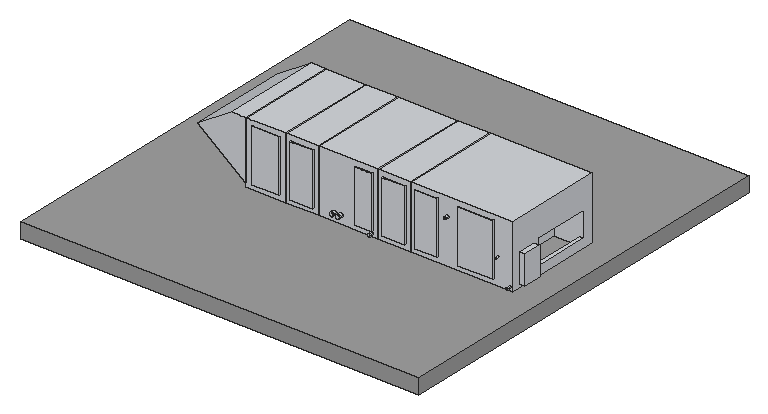
Revit family
Parameters (values of type "4 Row DX-R410")
  Wheel Size [instance] = ""
  Voltage = 480 V
  Unit Weight (lbs) = 4667  # constant formula
  URL = "http://www.appliedair.com"
  Total Static Pressure [instance] = 0.00 in-wg
  Total Heating Capacity [instance] = 0.0 Btu/h
  Total Cooling Capacity [instance] = 0.0 Btu/h
  Temperature Rise [instance] = 0 °F
  Supply Air Pressure Drop [instance] = 0.00 in-wg
  Supply Air Outlet Flow [instance] = 0 CFM
  Supply Air Inlet Flow [instance] = 0 CFM
  Series = "IFL"
  Return Coil Horizontal Offset = 1' - 1"  # constant formula
  Return Air Inlet Flow [instance] = 0 CFM
  Return Air Flow Height = 1' - 8"
  Refrigerant Type = "R410"
  Refrigerant Supply Pressure [instance] = 0.00 psi
  Refrigerant Supply Flow [instance] = 0 GPM
  Refrigerant Return Pressure [instance] = 0.00 psi
  Refrigerant Return Flow [instance] = 0 GPM
  Product URL = "http://www.appliedair.com/ifl.asp"
  Power Vertical Offset = 1' - 2 1/4"
  Power Horizontal Offset = 2' - 6"
  Power Connection Radius = 0' - 0 3/4"
  Phase = 3
  Output Heat [instance] = 0.0 Btu/h
  OmniClass = "23-75 10 24 21 27 17"
  Number of Rows = 4
  Number of Poles = 3
  Nominal Width = 6' - 8"  # constant formula
  Nominal Length = 21' - 0 5/8"  # constant formula
  Nominal Height = 4' - 2"  # constant formula
  Motor Horsepower (HP) [instance] = 0
  Motor Brake Horsepower (BHP) [instance] = 0
  Motor Amps [instance] = 0 A
  Model = "40"
  Minimum Input [instance] = 0.0 Btu/h
  Minimum Air Flow = 3000 CFM
  Maximum Input [instance] = 0.0 Btu/h
  Maximum Air Flow = 9500 CFM
  Manufacturer = "Applied Air"
  M = 3' - 10"  # constant formula
  L = 1' - 8 3/4"  # constant formula
  K = 2' - 1 11/16"  # constant formula
  J = 0' - 6 3/4"  # constant formula
  Heating Leaving Water Temperature [instance] = 0 °F
  Heating Leaving Air Temperature Wet Bulb [instance] = 0 °F
  Heating Leaving Air Temperature Dry Bulb [instance] = 0 °F
  Heating Entering Water Temperature [instance] = 0 °F
  Heating Entering Air Temperature Wet Bulb [instance] = 0 °F
  Heating Entering Air Temperature Dry Bulb [instance] = 0 °F
  Gas Vertical Offset = 1' - 9"  # constant formula
  Gas Horizontal Offset = 0' - 11 1/2"
  Gas Connection Radius = 0' - 0 3/8"  # constant formula
  Condensate Drain Vertical Offset = 0' - 2 3/4"
  Condensate Drain Radius = 0' - 0 3/4"  # constant formula
  Gas Pressure Drop [instance] = 0.00 psi
  Gas Input [instance] = 0.0 Btu/h
  Condensate Drain  Horizontal Offset = 0' - 1 27/32"
  Gas Flow [instance] = 0 GPM
  Condensate Drain Connection Radius = Condensate Drain Radius  # 0' - 0 3/4"
  Furnace Size [instance] = ""
  Frequency = 60 Hz
  Fan Speed (RPM) [instance] = 0
  Face Velocity (FPM) [instance] = 0
  Face Pressure Drop [instance] = 0' - 0"
  Drain Pressure Drop [instance] = 0.00 psi
  Drain Flow [instance] = 0 GPM
  Description = "Dedicated Outside Air Split System"
  Cooling Sensible Capacity [instance] = 0 Btu/h
  Cooling Leaving Air Temperature Wet Bulb [instance] = 0 °F
  Cooling Leaving Air Temperature Dry Bulb [instance] = 0 °F
  Cooling Entering Air Temperature Wet Bulb [instance] = 0 °F
  Cooling Entering Air Temperature Dry Bulb [instance] = 0 °F
  Cooling Coil Radius = 0' 3" / 2  # 0' - 1 1/2"
  H = 0' - 3 1/16"  # constant formula
  G = 3' - 2 5/8"  # constant formula
  Drain Vertical Offset = 0' - 2"
  Drain Radius = 0' - 1"
  Drain Horizontal Offset = 0' - 5"
  Default Elevation = 4' - 0"
  F = 2' - 2"  # constant formula
  E = 4' - 0"  # constant formula
  D = 5' - 8"  # constant formula
  Combustion Air Flow [instance] = 0 CFM
  Coils Depth = 0' - 3"
  Coil Outlet Vertical Offset = 3' - 7 113/256"  # constant formula
  Coil Face Area = if(Choose Coil Option = 1, 9.17 SF, if(Choose Coil Option = 2, 14.00 SF, if(Choose Coil Option = 3, 17.72 SF, 0.00 SF)))  # 14.00 SF
  Choose Coil Option = 2
  Coils Vertical Offsets = 0' - 6 143/256"
  Supply Coil Horizontal Offset = 1' - 6"  # constant formula
  Burner Amps [instance] = 0 A
  B = 6' - 10"  # constant formula
  Assembly Code = "D3030200"
  Apparent Power [instance] = (Motor Amps + Burner Amps) * Voltage * sqrt(3)  # 0 VA
  AHU Material = Galvanized Steel
  40.5x63 DX Coils = Choose Coil Option = 3  # no
  30x44 DX Coils = Choose Coil Option = 1  # no
  36x56 DX Coils = Choose Coil Option = 2  # yes
Reference planes (in)
  plane 1 "Center (Front/Back)": y = 0
  plane 2: z = -0.00391
  plane 3 "Center (Left/Right)": x = 0
  plane 4: y = 38
  plane 5: y = -42
  plane 6: x = -24
  plane 7: x = 24
  plane 8: x = 50
  plane 9: z = 49.99609
  plane 10: x = 132
  plane 11: x = -50
  plane 12: x = -82
  plane 13: x = -120.625
  plane 14: x = -11
  plane 15: x = -6
  plane 16: z = 6.55469
  plane 17: z = 6.55469
  plane 18: y = -45
  plane 19: x = 19
  plane 20: z = 1.99609
  plane 21: x = 80
  plane 22: z = 35.74609
  plane 23: z = 2.74609
  plane 24: x = 130.15625
  plane 25: z = 20.99609
  plane 26: x = 120.5
Forms (in)
  Extrusion 1, solid, material "Default"
    sketch origin (0, 0, 0) x (1, 0, 0) y (0, 1, 0)
      loop
        line (-164.84185, 166) -> (-164.84185, -165.6411) -> (155.35983, -165.6411) -> (155.35983, 166) -> (-164.84185, 166)
    from -0.00391 to -12
  Extrusion 2, solid
    sketch origin (0.62705, 0, 0) x (1, 0, 0) y (0, 0, 1)
      loop
        line (-24.62705, 0) -> (23.37295, 0) -> (23.37295, 49.99609) -> (-24.62705, 49.99609) -> (-24.62705, 0)
    from -38 to 42
  Extrusion 3, solid
    sketch origin (66.62705, 0, 0) x (1, 0, 0) y (0, 0, 1)
      loop
        line (-42.62705, 0) -> (-16.62705, 0) -> (-16.62705, 49.99609) -> (-42.62705, 49.99609) -> (-42.62705, 0)
    from -38 to 42
  Extrusion 4, solid
    sketch origin (120.62705, 0, 0) x (1, 0, 0) y (0, 0, 1)
      loop
        line (-70.62705, 0) -> (11.37295, 0) -> (11.37295, 49.99609) -> (-70.62705, 49.99609) -> (-70.62705, 0)
    from -38 to 42
  Extrusion 5, solid
    sketch origin (-17.37295, 0, 0) x (1, 0, 0) y (0, 0, 1)
      loop
        line (-32.62705, -0.00391) -> (-6.62705, -0.00391) -> (-6.62705, 49.99609) -> (-32.62705, 49.99609) -> (-32.62705, -0.00391)
    from -38 to 42
  Extrusion 6, solid
    sketch origin (-41.37295, 0, 0) x (1, 0, 0) y (0, 0, 1)
      loop
        line (-40.62705, -0.00391) -> (-8.62705, -0.00391) -> (-8.62705, 49.99609) -> (-40.62705, 49.99609) -> (-40.62705, -0.00391)
    from -38 to 42
  Extrusion 7, solid
    sketch origin (-15.3125, 0, 0) x (1, 0, 0) y (0, 0, 1)
      loop
        line (-105.3125, 32.99609) -> (-66.6875, 2.74609) -> (-66.6875, 49.99609) -> (-78.33244, 49.99609) -> (-105.3125, 32.99609)
    from -38 to 42
  Extrusion 8, void
    sketch origin (0, 0, 0) x (1, 0, 0) y (0, 1, 0)
      loop
        line (-75, 32) -> (-75, -36) -> (-55, -36) -> (-55, 32) -> (-75, 32)
    from 0 to 31.59567
  Extrusion 9, void
    sketch origin (0, 0, 0) x (0, 1, 0) y (0, 0, 1)
      loop
        line (-36, 9) -> (32, 9) -> (32, 29) -> (-36, 29) -> (-36, 9)
    from -55 to -85.321
  Extrusion 10, void
    sketch origin (0, 0, 0) x (1, 0, 0) y (0, 1, 0)
      loop
        line (128.9375, -16.3125) -> (128.9375, 29.6875) -> (108.1875, 29.6875) -> (108.1875, -16.3125) -> (128.9375, -16.3125)
    from 0 to 21.23232
  Extrusion 11, void
    sketch origin (0, 0, 0) x (1, 0, 0) y (0, 0, 1)
      loop
        line (132, 6.74609) -> (132, 27.49609) -> (108.1875, 27.49609) -> (108.1875, 6.74609) -> (132, 6.74609)
    from -29.6875 to 16.3125
  Extrusion 12, solid
    sketch origin (0, 0, 0) x (1, 0, 0) y (0, 1, 0)
      loop
        line (132, -21) -> (132, -36) -> (137, -36) -> (137, -21) -> (132, -21)
    from 3.06225 to 25.87762
  Extrusion 13, solid
    sketch origin (0, 0, 0) x (1, 0, 0) y (0, 0, 1)
      loop
        circle (-6, 6.55469) r 1.5
      loop
        circle (-11, 6.55469) r 1.5
      loop
        circle (19, 1.99609) r 1
      loop
        circle (80, 35.74609) r 0.75
      loop
        circle (130.15625, 2.74609) r 0.75
      loop
        circle (120.5, 20.99609) r 0.375
    from 42 to 45
  Extrusion 14, solid
    sketch origin (0, -38, 0) x (1, 0, 0) y (0, 0, 1)
      loop
        line (-55, 45.99609) -> (-77, 45.99609) -> (-77, 3.99609) -> (-55, 3.99609) -> (-55, 45.99609)
      loop
        line (-28, 45.99609) -> (-46, 45.99609) -> (-46, 3.99609) -> (-28, 3.99609) -> (-28, 45.99609)
      loop
        line (20, 45.99609) -> (6, 45.99609) -> (6, 3.99609) -> (20, 3.99609) -> (20, 45.99609)
      loop
        line (46, 45.99609) -> (28, 45.99609) -> (28, 3.99609) -> (46, 3.99609) -> (46, 45.99609)
      loop
        line (72, 45.99609) -> (54, 45.99609) -> (54, 3.99609) -> (72, 3.99609) -> (72, 45.99609)
      loop
        line (117, 45.99609) -> (89, 45.99609) -> (89, 3.99609) -> (117, 3.99609) -> (117, 45.99609)
    from 4 to 5
  Extrusion 15, void
    sketch origin (-0.04982, 0, -2.04982) x (1, 0, 0) y (0, 0, 1)
      loop
        line (124.55215, 46.70523) -> (124.55215, 46.20523) -> (126.80215, 46.20523) -> (126.80215, 46.70523) -> (124.55215, 46.70523)
      loop
        line (127.55215, 46.70523) -> (127.55215, 46.20523) -> (129.80215, 46.20523) -> (129.80215, 46.70523) -> (127.55215, 46.70523)
      loop
        line (124.55215, 47.45523) -> (124.55215, 46.95523) -> (126.80215, 46.95523) -> (126.80215, 47.45523) -> (124.55215, 47.45523)
      loop
        line (127.55215, 47.45523) -> (127.55215, 46.95523) -> (129.80215, 46.95523) -> (129.80215, 47.45523) -> (127.55215, 47.45523)
      loop
        line (124.55215, 45.95523) -> (124.55215, 45.45523) -> (126.80215, 45.45523) -> (126.80215, 45.95523) -> (124.55215, 45.95523)
      loop
        line (127.55215, 45.95523) -> (127.55215, 45.45523) -> (129.80215, 45.45523) -> (129.80215, 45.95523) -> (127.55215, 45.95523)
      loop
        line (124.55215, 45.20523) -> (124.55215, 44.70523) -> (126.80215, 44.70523) -> (126.80215, 45.20523) -> (124.55215, 45.20523)
      loop
        line (127.55215, 45.20523) -> (127.55215, 44.70523) -> (129.80215, 44.70523) -> (129.80215, 45.20523) -> (127.55215, 45.20523)
      loop
        line (124.55215, 44.45523) -> (124.55215, 43.95523) -> (126.80215, 43.95523) -> (126.80215, 44.45523) -> (124.55215, 44.45523)
      loop
        line (127.55215, 44.45523) -> (127.55215, 43.95523) -> (129.80215, 43.95523) -> (129.80215, 44.45523) -> (127.55215, 44.45523)
      loop
        line (124.55215, 43.70523) -> (124.55215, 43.20523) -> (126.80215, 43.20523) -> (126.80215, 43.70523) -> (124.55215, 43.70523)
      loop
        line (127.55215, 43.70523) -> (127.55215, 43.20523) -> (129.80215, 43.20523) -> (129.80215, 43.70523) -> (127.55215, 43.70523)
      loop
        line (124.55215, 15.78696) -> (126.80215, 15.78696) -> (126.80215, 16.28696) -> (124.55215, 16.28696) -> (124.55215, 15.78696)
      loop
        line (127.55215, 15.78696) -> (129.80215, 15.78696) -> (129.80215, 16.28696) -> (127.55215, 16.28696) -> (127.55215, 15.78696)
      loop
        line (124.55215, 15.03696) -> (126.80215, 15.03696) -> (126.80215, 15.53696) -> (124.55215, 15.53696) -> (124.55215, 15.03696)
      loop
        line (127.55215, 15.03696) -> (129.80215, 15.03696) -> (129.80215, 15.53696) -> (127.55215, 15.53696) -> (127.55215, 15.03696)
      loop
        line (124.55215, 16.53696) -> (126.80215, 16.53696) -> (126.80215, 17.03696) -> (124.55215, 17.03696) -> (124.55215, 16.53696)
      loop
        line (127.55215, 16.53696) -> (129.80215, 16.53696) -> (129.80215, 17.03696) -> (127.55215, 17.03696) -> (127.55215, 16.53696)
      loop
        line (124.55215, 17.28696) -> (126.80215, 17.28696) -> (126.80215, 17.78696) -> (124.55215, 17.78696) -> (124.55215, 17.28696)
      loop
        line (127.55215, 17.28696) -> (129.80215, 17.28696) -> (129.80215, 17.78696) -> (127.55215, 17.78696) -> (127.55215, 17.28696)
      loop
        line (124.55215, 18.03696) -> (126.80215, 18.03696) -> (126.80215, 18.53696) -> (124.55215, 18.53696) -> (124.55215, 18.03696)
      loop
        line (127.55215, 18.03696) -> (129.80215, 18.03696) -> (129.80215, 18.53696) -> (127.55215, 18.53696) -> (127.55215, 18.03696)
      loop
        line (124.55215, 18.78696) -> (126.80215, 18.78696) -> (126.80215, 19.28696) -> (124.55215, 19.28696) -> (124.55215, 18.78696)
      loop
        line (127.55215, 18.78696) -> (129.80215, 18.78696) -> (129.80215, 19.28696) -> (127.55215, 19.28696) -> (127.55215, 18.78696)
    from 32 to 38
  Extrusion 16, void
    sketch origin (0, 0, 0) x (1, 0, 0) y (0, 0, 1)
      loop
        line (-85.321, 29) -> (-100.57302, 29) -> (-109.17858, 24.03158) -> (-93.49174, 11.74609) -> (-85.321, 11.74609) -> (-85.321, 29)
    from -32 to 36
Cuts and joins
  Extrusion 8, Extrusion 9 cuts Extrusion 6
  Extrusion 9 cuts Extrusion 2
  Extrusion 9 cuts Extrusion 3
  Extrusion 9, Extrusion 16 cuts Extrusion 7
  Extrusion 10, Extrusion 11, Extrusion 15 cuts Extrusion 4
Dimensions and locks (in)
  "Nominal Width": plane 5 to plane 4
  "E": plane 6 to plane 7
  equal spacing: plane 6, plane 3 "Center (Left/Right)", plane 7
  "Nominal Height": plane 9 to plane 2
  "F": plane 7 to plane 8
  "F": plane 11 to plane 6
  locked: plane 12 to plane 11 at 32
  "B": plane 8 to plane 10
  "G": plane 13 to plane 12
  "D": Extrusion 8 sketch curve to Extrusion 8 sketch curve
  locked: Extrusion 8 sketch curve to Extrusion 8 sketch curve at 20
  locked: Extrusion 9 sketch curve to Extrusion 9 sketch curve at 20
  "D": Extrusion 9 sketch curve to Extrusion 9 sketch curve
  locked: level to Extrusion 9 sketch curve at 9
  "K": plane 5 to Extrusion 10 sketch curve
  "M": Extrusion 10 sketch curve to Extrusion 10 sketch curve
  "H": Extrusion 10 sketch curve to plane 10
  "L": Extrusion 10 sketch curve to Extrusion 10 sketch curve
  "J": Extrusion 11 sketch curve to plane 2
  "L": Extrusion 11 sketch curve to Extrusion 11 sketch curve
  "K": cut or joined group of Extrusion 4, Extrusion 10, Extrusion 11, Extrusion 15 to plane 5
  "M": cut or joined group of Extrusion 4, Extrusion 10, Extrusion 11, Extrusion 15 to cut or joined group of Extrusion 4, Extrusion 10, Extrusion 11, Extrusion 15
  plane 9 to Extrusion 12 = 2' - 0.11847"
  locked: Extrusion 12 to Extrusion 12 at 22.81538
  locked: Extrusion 12 to plane 2 at 3.06615
  locked: Extrusion 12 to Extrusion 12 at 5
  "Coils Depth": plane 18 to plane 5
  "Coils Vertical Offsets": plane 16 to plane 2
  "Coil Outlet Vertical Offset": plane 9 to plane 17
  "Return Coil Horizontal Offset": plane 6 to plane 14
  "Supply Coil Horizontal Offset": plane 6 to plane 15
  "Drain Vertical Offset": plane 20 to plane 2
  "Drain Horizontal Offset": plane 19 to plane 7
  locked: plane 12 to Extrusion 14 sketch curve at 5
  locked: Extrusion 14 sketch curve to plane 11 at 5
  locked: plane 9 to Extrusion 14 sketch curve at 4  (x6)
  locked: Extrusion 14 sketch curve to plane 2 at 4  (x6)
  locked: plane 11 to Extrusion 14 sketch curve at 4
  locked: Extrusion 14 sketch curve to plane 6 at 4
  locked: plane 6 to Extrusion 14 sketch curve at 30
  locked: Extrusion 14 sketch curve to plane 7 at 4
  locked: plane 7 to Extrusion 14 sketch curve at 4
  locked: Extrusion 14 sketch curve to plane 8 at 4
  locked: plane 8 to Extrusion 14 sketch curve at 4
  locked: Extrusion 14 sketch curve to Extrusion 14 sketch curve at 17
  locked: Extrusion 14 sketch curve to plane 10 at 15
  "Power Vertical Offset": plane 9 to plane 22
  "Power Horizontal Offset": plane 8 to plane 21
  locked: Extrusion 14 to plane 5 at 1
  "Condensate Drain Vertical Offset": plane 23 to plane 2
  plane 13 to plane 10 = 21' - 0 5/8"
  "Condensate Drain  Horizontal Offset": plane 24 to plane 10
  locked: Extrusion 7 sketch curve to plane 13 at 0
  locked: Extrusion 7 sketch curve to plane 9 at 0
  locked: Extrusion 7 sketch curve to plane 12 at 0
  locked: Extrusion 7 sketch curve to plane 23 at 0
  locked: plane 12 to Extrusion 7 sketch curve at 11.64494
  "Gas Vertical Offset": plane 25 to plane 2
  "Gas Horizontal Offset": plane 26 to plane 10
  locked: Extrusion 13 sketch curve to plane 14 at 0
  locked: Extrusion 13 sketch curve to plane 15 at 0
  locked: Extrusion 13 sketch curve to plane 19 at 0
  locked: Extrusion 13 sketch curve to plane 21 at 0
  locked: Extrusion 13 sketch curve to plane 25 at 0
  locked: Extrusion 13 sketch curve to plane 26 at 0
  locked: Extrusion 13 sketch curve to plane 23 at 0
  locked: Extrusion 13 sketch curve to plane 24 at 0
  locked: Extrusion 13 sketch curve to plane 20 at 0
  locked: Extrusion 13 sketch curve to plane 16 at 0
  locked: Extrusion 13 sketch curve to plane 22 at 0
  locked: Extrusion 13 sketch curve to plane 17 at 0
  "Cooling Coil Radius": radius of Extrusion 13 sketch curve  (x2)
  "Drain Radius": radius of Extrusion 13 sketch curve
  "Power Connection Radius": radius of Extrusion 13 sketch curve
  "Condensate Drain Connection Radius": radius of Extrusion 13 sketch curve
  "Gas Connection Radius": radius of Extrusion 13 sketch curve
  aligned and locked: plane 2 to Extrusion 1
  aligned and locked: Extrusion 2 to plane 4
  aligned and locked: plane 5 to Extrusion 2
  aligned and locked: plane 6 to Extrusion 2
  aligned and locked: plane 7 to Extrusion 2
  aligned and locked: plane 7 to Extrusion 3
  aligned and locked: Extrusion 3 to plane 8
  aligned and locked: plane 9 to Extrusion 2
  aligned and locked: Extrusion 3 to Extrusion 2
  aligned and locked: plane 5 to Extrusion 3
  aligned and locked: Extrusion 3 to plane 4
  aligned and locked: Extrusion 4 to plane 9
  aligned and locked: plane 8 to Extrusion 4
  aligned and locked: Extrusion 4 to plane 10
  aligned and locked: plane 5 to Extrusion 4
  aligned and locked: Extrusion 4 to plane 4
  aligned and locked: Extrusion 5 to plane 6
  aligned and locked: plane 11 to Extrusion 5
  aligned and locked: Extrusion 5 to plane 9
  aligned and locked: Extrusion 5 to plane 2
  aligned and locked: Extrusion 5 to plane 4
  aligned and locked: plane 5 to Extrusion 5
  aligned and locked: plane 5 to Extrusion 6
  aligned and locked: Extrusion 6 to plane 4
  aligned and locked: plane 12 to Extrusion 6
  aligned and locked: Extrusion 6 to plane 11
  aligned and locked: Extrusion 6 to plane 9
  aligned and locked: Extrusion 6 to plane 2
  aligned and locked: Extrusion 7 to plane 9
  aligned and locked: plane 13 to Extrusion 7
  aligned and locked: Extrusion 7 to plane 12
  aligned and locked: Extrusion 7 to plane 4
  aligned and locked: plane 5 to Extrusion 7
  aligned and locked: cut or joined group of Extrusion 6, Extrusion 8, Extrusion 9 to Extrusion 9 sketch curve
  aligned and locked: cut or joined group of Extrusion 6, Extrusion 8, Extrusion 9 to Extrusion 9
  aligned and locked: Extrusion 10 to level
  aligned and locked: cut or joined group of Extrusion 4, Extrusion 10, Extrusion 11, Extrusion 15 to Extrusion 11 sketch curve
  aligned and locked: plane 10 to Extrusion 11 sketch curve
  aligned and locked: plane 10 to Extrusion 12
  aligned and locked: plane 5 to Extrusion 13
  aligned and locked: plane 18 to Extrusion 13
  aligned and locked: Extrusion 14 to plane 5
  aligned and locked: cut or joined group of Extrusion 4, Extrusion 10, Extrusion 11, Extrusion 15 to plane 5
  aligned and locked: cut or joined group of Extrusion 6, Extrusion 8, Extrusion 9 to cut or joined group of Extrusion 7, Extrusion 9, Extrusion 16
  aligned and locked: cut or joined group of Extrusion 7, Extrusion 9, Extrusion 16 to cut or joined group of Extrusion 6, Extrusion 8, Extrusion 9
Automatic sketch dimensions
  Extrusion 1 sketch curve to Extrusion 1 sketch curve = 26' - 8.20168"
  Extrusion 1 sketch curve to Extrusion 1 sketch curve = 27' - 7.6411"
  Extrusion 2 sketch curve to level = 0' - 0"
  Extrusion 2 sketch curve to plane 6 = 0' - 0"
  Extrusion 2 sketch curve to plane 7 = 0' - 0"
  Extrusion 2 sketch curve to plane 9 = 0' - 0"
  Extrusion 3 sketch curve to level = 0' - 0"
  Extrusion 3 sketch curve to plane 7 = 0' - 0"
  Extrusion 3 sketch curve to plane 8 = 0' - 0"
  Extrusion 3 sketch curve to plane 9 = 0' - 0"
  Extrusion 4 sketch curve to level = 0' - 0"
  Extrusion 4 sketch curve to plane 8 = 0' - 0"
  Extrusion 4 sketch curve to plane 9 = 0' - 0"
  Extrusion 4 sketch curve to plane 10 = 0' - 0"
  Extrusion 5 sketch curve to plane 2 = 0' - 0"
  Extrusion 5 sketch curve to plane 11 = 0' - 0"
  Extrusion 5 sketch curve to plane 6 = 0' - 0"
  Extrusion 5 sketch curve to plane 9 = 0' - 0"
  Extrusion 6 sketch curve to plane 2 = 0' - 0"
  Extrusion 6 sketch curve to plane 12 = 0' - 0"
  Extrusion 6 sketch curve to plane 9 = 0' - 0"
  Extrusion 6 sketch curve to plane 11 = 0' - 0"
  Extrusion 12 sketch curve to plane 10 = 0' - 0"
  Extrusion 12 sketch curve to plane 10 = 0' - 5"
  Extrusion 12 sketch curve to plane 5 = 0' - 6"
  Extrusion 12 sketch curve to Extrusion 12 sketch curve = 1' - 3"
  Extrusion 14 sketch curve to Extrusion 14 sketch curve = 1' - 6"
  Extrusion 15 sketch curve to Extrusion 15 sketch curve = 0' - 0"  (x40)
  Extrusion 15 sketch curve to Extrusion 15 sketch curve = 0' - 0 3/4"  (x4)
  Extrusion 15 sketch curve to Extrusion 15 sketch curve = 0' - 0 1/2"  (x23)
  Extrusion 15 sketch curve to Extrusion 15 sketch curve = 0' - 0 1/4"  (x20)
  Extrusion 8 sketch curve to plane 12 = 0' - 7"
  Extrusion 8 sketch curve to plane 5 = 0' - 6"
  Extrusion 16 sketch curve to plane 13 = 0' - 11.44642"
  plane 22 to Extrusion 16 sketch curve = 0' - 6 191/256"
  Extrusion 16 sketch curve to Extrusion 16 sketch curve = 0' - 8.60555"
  Extrusion 16 sketch curve to plane 16 = 0' - 5 49/256"
  plane 12 to Extrusion 16 sketch curve = 0' - 11.49174"
  plane 12 to Extrusion 16 sketch curve = 0' - 3.321"
  Extrusion 16 sketch curve to Extrusion 16 sketch curve = 0' - 4.96842"
  plane 22 to Extrusion 7 sketch curve = 0' - 2 3/4"
  plane 10 to Extrusion 15 sketch curve = 0' - 7.49767"
  Extrusion 15 sketch curve to Extrusion 15 sketch curve = 0' - 2 1/4"  (x6)
  Extrusion 15 sketch curve to Extrusion 15 sketch curve = 1' - 11.91827"
  plane 9 to Extrusion 15 sketch curve = 3' - 1.00896"
Connectors (in)
  hvac at (-101.3125, -2, 17.87109), driven by "D", driven by "Return Air Flow Height", driven by "Supply Air Inlet Flow"
    settings: on cut or joined group of Extrusion 7, Extrusion 9, Extrusion 16, index 1
  hvac at (-65, -2, -0.00391), driven by "D", driven by "Return Air Flow Height", driven by "Return Air Inlet Flow"
    settings: on cut or joined group of Extrusion 6, Extrusion 8, Extrusion 9, index 2
  hvac at (118.5625, 6.6875, 0), driven by "M", driven by "L", driven by "Supply Air Outlet Flow"
    settings: on cut or joined group of Extrusion 4, Extrusion 10, Extrusion 11, Extrusion 15, index 3
  hvac at (132, 6.6875, 17.12109), driven by "M", driven by "L", driven by "Supply Air Outlet Flow"
    settings: on cut or joined group of Extrusion 4, Extrusion 10, Extrusion 11, Extrusion 15, index 4
  piping at (-11, -45, 6.55469), driven by "Cooling Coil Radius", driven by "Refrigerant Return Flow", driven by "Refrigerant Return Pressure"
    settings: on Extrusion 13, index 5
  piping at (-6, -45, 6.55469), driven by "Cooling Coil Radius", driven by "Refrigerant Supply Flow", driven by "Refrigerant Supply Pressure"
    settings: on Extrusion 13, index 6
  piping at (19, -45, 1.99609), driven by "Drain Radius", driven by "Drain Flow"
    settings: on Extrusion 13, index 7
  electrical at (80, -45, 35.74609), driven by "Number of Poles", driven by "Apparent Power", driven by "Voltage"
    settings: on Extrusion 13, index 8
  piping at (130.15625, -45, 2.74609), driven by "Condensate Drain Radius", driven by "Drain Flow", driven by "Gas Pressure Drop"
    settings: on Extrusion 13, index 9
  piping at (120.5, -45, 20.99609), driven by "Gas Connection Radius", driven by "Gas Flow", driven by "Gas Pressure Drop"
    settings: on Extrusion 13, index 10
